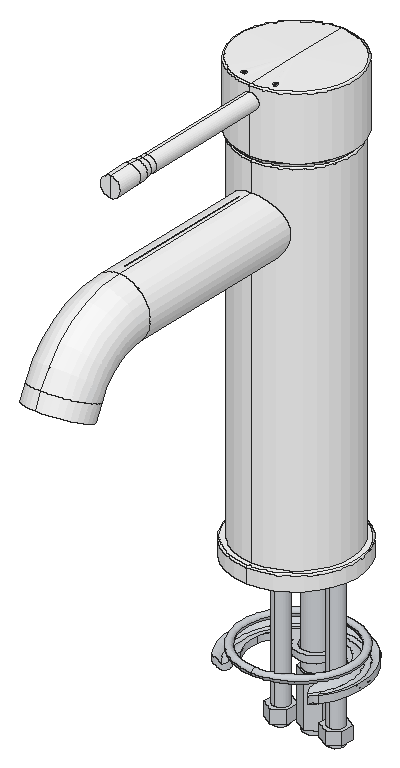
Revit family "Reece_Tap_Grohe_Essence New_Basin Mixer_Curved", category Plumbing Fixtures, host Face, Revit 2018
Family settings
  Host = Face
  Round Connector Dimension = Use Diameter
  Part Type = Normal
  Cut with Voids When Loaded = No
  Shared = Yes
  Room Calculation Point = Yes
Parameters (values of type "Chrome")
  WFU = 0  # constant formula
  URL = "https://www.reece.com.au/product/-9508953"
  Type Comments = "Tap"
  Reece_Tap_Reach = 116 mm  # constant formula
  Reece_Tap_Inlet = 12 mm  # constant formula
  Reece_Tap_Clearance = 101 mm  # constant formula
  Reece_Stand_Radius = 21.5 mm  # constant formula
  Reece_Stand_Baseplate_Radius = 24 mm  # constant formula
  Reece_Product_Web Page = "https://www.reece.com.au/product/-9508953"
  Reece_Product_Type = "Tap"  # constant formula
  Reece_Product_Sub Brand = "Essence New"  # constant formula
  Reece_Product_Number = "9508953"
  Reece_Product_Mount = "Hob Mounted"
  Reece_Product_Description = "Grohe Essence New Basin Mixer Curved Chrome (6 Star)"
  Reece_Product_Brand = "Grohe"  # constant formula
  Reece_Overall_Height = 174 mm  # constant formula
  Reece_Material_Tap_Hot = Render_Hot_Water_Cap
  Reece_Material_Tap_Cold = Render_Cold_Water_Cap
  Reece_Material-Main = Reece_Brass_Chrome
  Reece_Detail_Shape = "Curved"  # constant formula
  Reece_Detail_Installation = "Basin Mixer"  # constant formula
  Reece_Detail_Disclaimer = "THIS FILE IS THE PROPERTY OF THE REECE GROUP. IT MAY NOT BE REPRODUCED, REVERSE-ENGINEERED OR MODIFIED. ANY REPUBLICATION, TRANSMISSION OR DISTRIBUTION FOR THE PURPOSE OF COMMERCIALLY EXPLOITING THE FILES IS PROHIBITED."  # constant formula
  Reece_Detail_Connector = ""
  Reece_Detail_Additional = ""
  Model = "Essence New"
  Manufacturer = "Grohe"
  Keynote = "Product #9508953, Reece_Tap_Grohe_Essence New_Basin Mixer_Curved - Chrome"
  HWFU = 0  # constant formula
  Disclaimer = "THIS FILE IS THE PROPERTY OF THE REECE GROUP. IT MAY NOT BE REPRODUCED, REVERSE-ENGINEERED OR MODIFIED. ANY REPUBLICATION, TRANSMISSION OR DISTRIBUTION FOR THE PURPOSE OF COMMERCIALLY EXPLOITING THE FILES IS PROHIBITED."  # constant formula
  Description = "Grohe Essence New Basin Mixer Curved Chrome (6 Star)"
  Default Elevation = 1000 mm
  CWFU = 0  # constant formula
Types (5, lengths in mm): name | URL | Reece_Product_Web Page | Reece_Product_Number | Reece_Product_Description | Reece_Material-Main | Keynote | Description
  (no name) | "https://www.reece.com.au/product/-9508965" | "https://www.reece.com.au/product/-9508965" | "9508965" | "Grohe Essence New Basin Mixer Curved Brushed Cool Sunrise (6 Star)" | Reece_Metal_Brushed_Cool Sunrise | "Product #9508965, Reece_Tap_Grohe_Essence New_Basin Mixer_Curved -  " | "Grohe Essence New Basin Mixer Curved Brushed Cool Sunrise (6 Star)"
  Brushed Cool Sunrise | "https://www.reece.com.au/product/-9508965" | "https://www.reece.com.au/product/-9508965" | "9508965" | "Grohe Essence New Basin Mixer Curved Brushed Cool Sunrise (6 Star)" | Reece_Metal_Brushed_Cool Sunrise | "Product #9508965, Reece_Tap_Grohe_Essence New_Basin Mixer_Curved - Brushed Cool Sunrise" | "Grohe Essence New Basin Mixer Curved Brushed Cool Sunrise (6 Star)"
  Brushed Nickel | "https://www.reece.com.au/product/-9508964" | "https://www.reece.com.au/product/-9508964" | "9508964" | "Grohe Essence New Basin Mixer Curved Brushed Nickel (6 Star)" | Reece_Brass_Brushed Nickel | "Product #9508964, Reece_Tap_Grohe_Essence New_Basin Mixer_Curved - Brushed Nickel" | "Grohe Essence New Basin Mixer Curved Brushed Nickel (6 Star)"
  Chrome | "https://www.reece.com.au/product/-9508953" | "https://www.reece.com.au/product/-9508953" | "9508953" | "Grohe Essence New Basin Mixer Curved Chrome (6 Star)" | Reece_Brass_Chrome | "Product #9508953, Reece_Tap_Grohe_Essence New_Basin Mixer_Curved - Chrome" | "Grohe Essence New Basin Mixer Curved Chrome (6 Star)"
  Hard Graphite | "https://www.reece.com.au/product/-9508966" | "https://www.reece.com.au/product/-9508966" | "9508966" | "Grohe Essence New Basin Mixer Curved Hard Graphite (6 Star)" | Reece_Metal_Hard Graphite | "Product #9508966, Reece_Tap_Grohe_Essence New_Basin Mixer_Curved - Hard Graphite" | "Grohe Essence New Basin Mixer Curved Hard Graphite (6 Star)"
Reference planes
  plane 1 "Center (Front/Back)": y = 0
  plane 2: z = 0
  plane 3 "Center (Left/Right)": x = 0
  plane 4 "Center L/S": z = 174
  plane 5: y = -116
  plane 6: y = -19
  plane 7: y = -35.7
  plane 8: y = -90.5
  plane 9: z = 101
  plane 10: z = -30
  plane 11: through (0, -116, 101) normal (0, -0.9063, 0.4226)
Forms (mm)
  Revolve 1, solid, material "Reece_Brass_Chrome" <- "Reece_Material-Main"
    sketch origin (0, 0, 0) x (0, 1, 0) y (0, 0, 1)
      loop
        arc (-20.976, 146.659) -> (-21.346, 146.506) -> (-21.5, 146.135) r 0.524
        line (-21.5, 146.135) -> (-21.5, 4.5) -> (-20, 4.5) -> (-20, 7) -> (0, 7) -> (0, 152.659) -> (-13.55, 152.659) -> (-13.55, 156.49)
        arc (-13.55, 156.49) -> (-17.566, 152.246) -> (-20.989, 147.511) r 44.331
        arc (-20.989, 147.511) -> (-21.019, 147.098) -> (-20.696, 146.842) r 0.442
        line (-20.696, 146.842) -> (-19.715, 146.659) -> (-20.976, 146.659)
      axis (0, 156.49) -> (0, 4.5)
    angle from 0 to 360
  Revolve 2, solid, material "Reece_Brass_Chrome" <- "Reece_Material-Main"
    sketch origin (0, 0, 0) x (0, 1, 0) y (0, 0, 1)
      loop
        line (-16.5, 6) -> (-23.5, 6)
        arc (-23.5, 6) -> (-23.854, 5.854) -> (-24, 5.5) r 0.5
        line (-24, 5.5) -> (-24, 0) -> (-21.5, 0) -> (-21.5, -1) -> (-18, -1) -> (-18, 3.5) -> (-16.5, 3.5) -> (-16.5, 6)
      axis (0, 6) -> (0, -1)
    angle from 0 to 360
  Revolve 3, solid, material "Reece_Brass_Chrome" <- "Reece_Material-Main"
    sketch origin (0, -2.334, 1) x (0, 1, 0) y (0, 0, 1)
      loop
        line (-20.166, 147.742) -> (-18.568, 147.742) -> (-18.666, 148.59) -> (-18.666, 152.3) -> (2.5, 152.3) -> (2.5, 173)
        arc (2.5, 173) -> (-8.539, 172.925) -> (-19.574, 172.583) r 455.117
        arc (-19.574, 172.583) -> (-19.994, 172.393) -> (-20.166, 171.965) r 0.619
        line (-20.166, 171.965) -> (-20.166, 147.742)
      axis (2.5, 173) -> (2.5, 147.742)
    angle from 0 to 360
  Revolve 4, void
    sketch origin (0, 3.897, 5.392) x (0, 1, 0) y (0, 0, 1)
      loop
        line (17.434, 163.743) -> (17.434, 159.75) -> (20.568, 159.75) -> (20.568, 163.743) -> (17.434, 163.743)
      axis (20.568, 159.75) -> (17.434, 159.75)
    angle from 0 to 360
  Revolve 5, solid, material "Reece_Brass_Chrome" <- "Reece_Material-Main"
    sketch origin (0, 3.897, 5.392) x (0, 1, 0) y (0, 0, 1)
      loop
        arc (19.852, 159.75) -> (19.653, 161.536) -> (19.065, 163.234) r 8.104
        arc (19.065, 163.234) -> (18.801, 163.532) -> (18.419, 163.642) r 0.716
        line (18.419, 163.642) -> (17.555, 163.642) -> (17.555, 159.75) -> (19.852, 159.75)
      axis (17.555, 159.75) -> (19.852, 159.75)
    angle from 0 to 360
  Revolve 6, solid
    sketch origin (0, 0, -18.534) x (0, 1, 0) y (0, 0, 1)
      loop
        circle (22.2, -14) r 1.3
      axis (1, -14) -> (1, -13)
    angle from 0 to 360
  Extrusion 7, void
    sketch origin (0, 2, 7) x (1, 0, 0) y (0, 1, 0)
      loop
        circle (-7, -9.5) r 6.7
      loop
        circle (-10.749, 4.019) r 3.519
      loop
        circle (10.75, 4) r 3.5
      loop
        circle (7, -9.5) r 6.7
    from 0 to 4
  Extrusion 8, void
    sketch origin (0, 0, 0) x (1, 0, 0) y (0, 1, 0)
      loop
        circle (0, 0) r 17
    from 0 to -30
  Revolve 9, solid, material "Reece_Brass_Chrome" <- "Reece_Material-Main"
    sketch origin (0, -276.273, 360.721) x (0, -0.990268, -0.139173) y (0, 0.139173, -0.990268)
      loop
        arc (-166.132, 222.142) -> (-167.895, 222.331) -> (-169.667, 222.404) r 27.035
        line (-169.667, 222.404) -> (-172.075, 222.424)
        arc (-172.075, 222.424) -> (-173.404, 222.479) -> (-174.726, 222.621) r 20.282
        line (-174.726, 222.621) -> (-225.984, 229.825) -> (-226.423, 226.698) -> (-157.108, 216.956) -> (-156.568, 220.798) -> (-166.132, 222.142)
      axis (-157.108, 216.956) -> (-226.423, 226.698)
    angle from 0 to 360
  Revolve 10, solid, material "Render_Hot_Water_Cap" <- "Reece_Material_Tap_Hot"
    sketch origin (-6.131, -97.842, 159.485) x (0, 0.053171, -0.998585) y (0, -0.998585, -0.053171)
      loop
        line (-9.096, -80.7) -> (-10.011, -80.7) -> (-10.011, -81.5) -> (-9.096, -81.5) -> (-9.096, -80.7)
      axis (-9.096, -80.7) -> (-10.096, -80.7)
    angle from 0 to 360
  Sweep 11, solid, material "Reece_Brass_Chrome" <- "Reece_Material-Main"
    path origin (0, 103, 123.371) x (0, 0, 1) y (0, -1, 0)
      loop
        line (0, 103) -> (0, 189.157)
        arc (0, 189.157) -> (-4.698, 205.276) -> (-17.321, 216.346) r 30
        line (-17.321, 216.346) -> (-23.077, 219.03)
    profile origin (0, -43.078, 123.371) x (0, 0, -1) y (1, 0, 0)
      loop
        circle (0, 0) r 12
      loop
        circle (0, 0) r 10
  Revolve 12, solid, material "Render_Cold_Water_Cap" <- "Reece_Material_Tap_Cold"
    sketch origin (6.131, -97.842, 159.485) x (0, 0.053171, -0.998585) y (0, 0.998585, 0.053171)
      loop
        line (-9.096, 80.7) -> (-9.096, 81.5) -> (-10.011, 81.5) -> (-10.011, 80.7) -> (-9.096, 80.7)
      axis (-9.096, 80.7) -> (-10.096, 80.7)
    angle from 0 to 360
  Revolve 13, solid, material "Reece_Brass_Chrome" <- "Reece_Material-Main"
    sketch origin (0, -3.909, -57.656) x (0, 1, 0) y (0, 0, 1)
      loop
        line (-111.094, 160.152) -> (-112.121, 157.951) -> (-105.095, 154.675) -> (-104.735, 155.446) -> (-103.828, 155.024) -> (-104.188, 154.252) -> (-102.515, 153.472) -> (-101.488, 155.673) -> (-111.094, 160.152)
      axis (-111.094, 160.152) -> (-112.121, 157.951)
    angle from 0 to 360
  Revolve 14, solid, material "Reece_Brass_Chrome" <- "Reece_Material-Main"
    sketch origin (0, -26.228, -72.991) x (0, 0.990268, -0.139173) y (0, 0.139173, 0.990268)
      loop
        line (-111.953, 161.308) -> (-112.893, 158.235)
        arc (-112.893, 158.235) -> (-109.328, 157.51) -> (-105.691, 157.481) r 18.941
        line (-105.691, 157.481) -> (-105.156, 159.229) -> (-111.953, 161.308)
      axis (-111.953, 161.308) -> (-112.893, 158.235)
    angle from 0 to 360
  Revolve 15, void
    sketch origin (-6.131, -97.842, 159.485) x (0, 0.053171, -0.998585) y (0, -0.998585, -0.053171)
      loop
        line (-9.096, -80.7) -> (-10.578, -80.7) -> (-10.578, -81.5) -> (-9.096, -81.5) -> (-9.096, -80.7)
      axis (-9.096, -80.7) -> (-10.578, -80.7)
    angle from 0 to 360
  Revolve 16, void
    sketch origin (6.131, -97.842, 159.485) x (0, 0.053171, -0.998585) y (0, 0.998585, 0.053171)
      loop
        line (-9.096, 80.7) -> (-9.096, 81.5) -> (-11.45, 81.5) -> (-11.45, 80.7) -> (-9.096, 80.7)
      axis (-9.096, 80.7) -> (-11.45, 80.7)
    angle from 0 to 360
  Extrusion 17, solid
    sketch origin (0, 2, 7) x (0, 1, 0) y (1, 0, 0)
      loop
        circle (4, 10.75) r 3
      loop
        circle (4, -10.75) r 3
      loop
        circle (7.673, 0) r 4.5
    from 8 to 72.306
  Revolve 18, solid
    sketch origin (0, 0, -17) x (0, 1, 0) y (0, 0, 1)
      loop
        arc (18.75, -21.5) -> (21.75, -23) -> (24.75, -21.5) r 3.75
        line (24.75, -21.5) -> (25.75, -21.5) -> (25.75, -19)
        arc (25.75, -19) -> (24.212, -19.499) -> (22.941, -20.498) r 4.61
        arc (22.941, -20.498) -> (21.841, -21) -> (20.728, -20.527) r 1.5
        arc (20.728, -20.527) -> (19.122, -19.398) -> (17.2, -19) r 4.84
        line (17.2, -19) -> (17.2, -21.5) -> (18.75, -21.5)
      axis (0, -19) -> (0, -21.5)
    angle from 0 to 360
  Extrusion 19, solid
    sketch origin (0, 0, -23.534) x (1, 0, 0) y (0, 1, 0)
      loop
        circle (10.75, 6) r 3
      loop
        line (10.75, 11.196) -> (6.25, 8.598) -> (6.25, 3.402) -> (10.75, 0.804) -> (15.25, 3.402) -> (15.25, 8.598) -> (10.75, 11.196)
      loop
        circle (-10.75, 6) r 3
      loop
        line (-10.75, 11.196) -> (-15.25, 8.598) -> (-15.25, 3.402) -> (-10.75, 0.804) -> (-6.25, 3.402) -> (-6.25, 8.598) -> (-10.75, 11.196)
    from -40 to -35
  Extrusion 20, solid
    sketch origin (0, 0, -40) x (1, 0, 0) y (0, 1, 0)
      loop
        arc (-6.758, 6.42) -> (0, 2.173) -> (6.758, 6.42) r 7.5
        arc (6.758, 6.42) -> (9.603, 8.803) -> (13.271, 8.238) r 4.5
        arc (13.271, 8.238) -> (15.825, 5.64) -> (17.057, 2.211) r 8.5
        arc (17.057, 2.211) -> (11.354, 12.92) -> (0, 17.2) r 17.2
        arc (0, 17.2) -> (-11.354, 12.92) -> (-17.057, 2.211) r 17.2
        arc (-17.057, 2.211) -> (-15.825, 5.64) -> (-13.271, 8.238) r 8.5
        arc (-13.271, 8.238) -> (-9.603, 8.803) -> (-6.758, 6.42) r 4.5
      loop
        circle (0, 9.673) r 5.5
    from 1.5 to 4
  Extrusion 21, solid
    sketch origin (0, 0, -23.534) x (1, 0, 0) y (0, 1, 0)
      loop
        line (0, 15.491) -> (-5.039, 12.582) -> (-5.039, 6.764) -> (0, 3.855) -> (5.039, 6.764) -> (5.039, 12.582) -> (0, 15.491)
      loop
        circle (0, 9.673) r 4.5
    from -40 to -20
  Extrusion 22, void
    sketch origin (0, 0, 1.534) x (1, 0, 0) y (0, 1, 0)
      loop
        line (27.556, -34.599) -> (27.556, -14.961) -> (20.958, -14.961)
        arc (20.958, -14.961) -> (17.049, -15.272) -> (15, -11.93) r 3.75
        line (15, -11.93) -> (15, -8.417) -> (-15, -8.417) -> (-15, -11.93)
        arc (-15, -11.93) -> (-17.049, -15.272) -> (-20.958, -14.961) r 3.75
        line (-20.958, -14.961) -> (-27.556, -14.961) -> (-27.556, -34.599) -> (27.556, -34.599)
    from -43.534 to -37.534
Cuts and joins
  Extrusion 7 cuts Revolve 1
  Extrusion 7 cuts Revolve 2
  Revolve 4, Revolve 15, Revolve 16 cuts Revolve 3
  joined: Revolve 1, Revolve 2, Revolve 3, Revolve 9, Sweep 11, Revolve 13, Revolve 14
  Extrusion 22 cuts Revolve 18
  joined: Revolve 18, Extrusion 20
  joined: Extrusion 17, Extrusion 19, Extrusion 21
Text (mm)
  text "Reece Copyright © 2018, Reece Ltd." at (-747.266, -372.688, 0), in view "Ref. Level"
  text "Reece ©" at (-1.128, 151.197, 130.104), in view "Reece Preview"
Dimensions and locks
  locked: Revolve 1 sketch curve to Revolve 1 sketch curve at 6
  locked: Revolve 1 sketch curve to Revolve 1 sketch curve at 2.5
  "Reece_Stand_Radius": plane 1 "Center (Front/Back)" to Revolve 1 sketch curve
  "Reece_Stand_Baseplate_Radius": Revolve 2 sketch curve to Revolve 2 sketch curve
  locked: Revolve 2 sketch curve to Revolve 2 sketch curve at 2.5
  locked: Revolve 2 sketch curve to Revolve 2 sketch curve at 1.5
  "Reece_Overall_Height": plane 4 "Center L/S" to level
  "Reece_Tap_Clearance": plane 9 to level
  locked: plane 7 to plane 8 at 54.8
  host face to plane 10 = 30 mm
  "Reece_Tap_Reach": plane 1 "Center (Front/Back)" to plane 5
  locked: plane 5 to plane 11 (angle 25.00°)
  aligned and locked: host face to plane 2
  aligned and locked: level to host face
  aligned and locked: Revolve 3 sketch curve to Revolve 3 sketch curve
Automatic sketch dimensions
  host sketch curve to host sketch curve = 380.785 mm
  host sketch curve to host sketch curve = 317.421 mm
  Revolve 3 sketch curve to plane 4 "Center L/S" = 0 mm
  plane 6 to Revolve 3 sketch curve = 3.5 mm
  Revolve 3 sketch curve to Revolve 3 sketch curve = 0.619 mm
  Revolve 3 sketch curve to Revolve 3 sketch curve = 1.5 mm
  Revolve 3 sketch curve to Revolve 3 sketch curve = 0.098 mm
  plane 1 "Center (Front/Back)" to Revolve 3 sketch curve = 2.279 mm
  Revolve 3 sketch curve to plane 1 "Center (Front/Back)" = 0.166 mm
  Revolve 3 sketch curve to plane 4 "Center L/S" = 1.035 mm
  Revolve 3 sketch curve to Revolve 3 sketch curve = 20.7 mm
  Revolve 3 sketch curve to Revolve 3 sketch curve = 3.71 mm
  Revolve 3 sketch curve to Revolve 3 sketch curve = 0.848 mm
  Revolve 3 sketch curve to level = 281.11 mm
  Revolve 3 sketch curve to Revolve 3 sketch curve = 58.7 mm
  plane 4 "Center L/S" to Revolve 3 sketch curve = 2177.364 mm
  Revolve 4 sketch curve to plane 4 "Center L/S" = 8.858 mm
  Revolve 4 sketch curve to plane 1 "Center (Front/Back)" = 21.331 mm
  Revolve 4 sketch curve to Revolve 4 sketch curve = 3.134 mm
  Revolve 4 sketch curve to Revolve 4 sketch curve = 3.993 mm
  Revolve 4 sketch curve to Revolve 4 sketch curve = 2.864 mm
  Revolve 4 sketch curve to Revolve 4 sketch curve = 4.002 mm
  Revolve 4 sketch curve to Revolve 4 sketch curve = 0 mm
  Revolve 5 sketch curve to plane 1 "Center (Front/Back)" = 15.646 mm
  Revolve 5 sketch curve to Revolve 5 sketch curve = 5.807 mm
  Revolve 5 sketch curve to Revolve 5 sketch curve = 0.864 mm
  Revolve 5 sketch curve to Revolve 5 sketch curve = 2.297 mm
  Revolve 5 sketch curve to plane 4 "Center L/S" = 8.858 mm
  Revolve 5 sketch curve to Revolve 5 sketch curve = 3.177 mm
  Revolve 5 sketch curve to Revolve 5 sketch curve = 0.716 mm
  Revolve 5 sketch curve to Revolve 5 sketch curve = 1.775 mm
  Revolve 5 sketch curve to Revolve 5 sketch curve = 5.654 mm
  Revolve 5 sketch curve to Revolve 5 sketch curve = 0 mm
  Revolve 6 sketch curve to plane 1 "Center (Front/Back)" = 22.2 mm
  Revolve 6 sketch curve to level = 32.534 mm  (x2)
  Revolve 6 sketch curve to plane 1 "Center (Front/Back)" = 1 mm
  Revolve 6 sketch curve to Revolve 6 sketch curve = 4.102 mm
  Revolve 1 to Extrusion 7 sketch curve = 10.749 mm
  Revolve 1 to Extrusion 7 sketch curve = 7 mm
  Extrusion 7 sketch curve to Revolve 1 = 7 mm
  Extrusion 7 sketch curve to Revolve 1 = 10.75 mm
  Extrusion 7 sketch curve to Extrusion 7 sketch curve = 0 mm
  Extrusion 7 sketch curve to Extrusion 7 sketch curve = 13.5 mm
  Extrusion 7 sketch curve to Extrusion 7 sketch curve = 13.519 mm
  Extrusion 8 sketch curve to Extrusion 8 sketch curve = 0 mm  (x2)
  Extrusion 8 sketch curve to plane 3 "Center (Left/Right)" = 0 mm
  plane 1 "Center (Front/Back)" to Extrusion 8 sketch curve = 0 mm
  Extrusion 8 sketch curve to plane 6 = 2 mm
  Revolve 9 sketch curve to plane 8 = 0 mm  (x2)
  plane 6 to Revolve 9 sketch curve = 1.504 mm
  Revolve 9 sketch curve to plane 4 "Center L/S" = 6.258 mm
  Revolve 9 sketch curve to Revolve 9 sketch curve = 0.439 mm
  Revolve 9 sketch curve to Revolve 9 sketch curve = 17.619 mm
  Revolve 9 sketch curve to Revolve 9 sketch curve = 2.652 mm
  Revolve 9 sketch curve to Revolve 9 sketch curve = 2.823 mm
  Revolve 9 sketch curve to Revolve 9 sketch curve = 12.787 mm
  Revolve 9 sketch curve to Revolve 9 sketch curve = 2.408 mm
  Revolve 9 sketch curve to Revolve 9 sketch curve = 8.117 mm
  Revolve 9 sketch curve to Revolve 9 sketch curve = 82.121 mm
  Revolve 9 sketch curve to Revolve 9 sketch curve = 11.541 mm
  Revolve 9 sketch curve to Revolve 9 sketch curve = 1.141 mm
  Revolve 10 sketch curve to plane 4 "Center L/S" = 0.185 mm
  Revolve 10 sketch curve to plane 6 = 2.011 mm
  Revolve 10 sketch curve to Revolve 10 sketch curve = 0.915 mm
  Revolve 10 sketch curve to Revolve 10 sketch curve = 0.8 mm
  Revolve 10 sketch curve to Revolve 10 sketch curve = 5.008 mm
  Revolve 10 sketch curve to Revolve 10 sketch curve = 6.185 mm
  Revolve 10 sketch curve to Revolve 10 sketch curve = 0 mm
  Revolve 12 sketch curve to plane 4 "Center L/S" = 0.185 mm
  Revolve 12 sketch curve to plane 6 = 2.011 mm
  Revolve 12 sketch curve to Revolve 12 sketch curve = 0.915 mm
  Revolve 12 sketch curve to Revolve 12 sketch curve = 0.8 mm
  Revolve 12 sketch curve to Revolve 12 sketch curve = 5.008 mm
  Revolve 12 sketch curve to Revolve 12 sketch curve = 6.185 mm
  Revolve 12 sketch curve to Revolve 12 sketch curve = 0 mm
  Sweep 11 sketch curve to Sweep 11 sketch curve = 0 mm  (x2)
  Sweep 11 sketch curve to profile plane = 0 mm  (x2)
  Sweep 11 sketch curve to plane 9 = 7.629 mm
  plane 9 to Sweep 11 sketch curve = 5.05 mm
  plane 9 to Sweep 11 sketch curve = 22.371 mm
  Sweep 11 sketch curve to plane 5 = 2.654 mm
  Sweep 11 sketch curve to plane 9 = 0.706 mm
  plane 5 to Sweep 11 sketch curve = 0.03 mm
  plane 5 to Revolve 14 sketch curve = 0 mm
  Revolve 14 sketch curve to Revolve 14 sketch curve = 0.939 mm
  Revolve 14 sketch curve to Revolve 14 sketch curve = 4.598 mm
  Revolve 14 sketch curve to Revolve 14 sketch curve = 7.202 mm
  Revolve 14 sketch curve to Revolve 14 sketch curve = 0.535 mm
  Revolve 14 sketch curve to Revolve 14 sketch curve = 0.754 mm
  Revolve 14 sketch curve to Revolve 14 sketch curve = 0 mm  (x2)
  Revolve 14 sketch curve to Revolve 14 sketch curve = 0.388 mm
  Revolve 14 sketch curve to Revolve 14 sketch curve = 1.269 mm
  Revolve 14 sketch curve to plane 9 = 1.585 mm
  plane 1 "Center (Front/Back)" to Sweep 11 sketch curve = 0 mm
  plane 5 to Revolve 13 sketch curve = 0.03 mm
  Revolve 13 sketch curve to plane 5 = 0.997 mm
  Revolve 13 sketch curve to plane 9 = 3.982 mm
  Revolve 13 sketch curve to plane 5 = 6.996 mm
  Revolve 13 sketch curve to plane 9 = 3.21 mm
  Revolve 13 sketch curve to Revolve 13 sketch curve = 0.36 mm  (x2)
  Revolve 13 sketch curve to Revolve 13 sketch curve = 0.906 mm
  Revolve 13 sketch curve to plane 9 = 5.185 mm
  plane 5 to Revolve 13 sketch curve = 2.591 mm
  Revolve 13 sketch curve to Revolve 13 sketch curve = 0.45 mm
  Revolve 13 sketch curve to Revolve 13 sketch curve = 5.492 mm
  Revolve 13 sketch curve to Revolve 13 sketch curve = 0.965 mm
  plane 4 "Center L/S" to Revolve 15 sketch curve = 0.382 mm
  Revolve 15 sketch curve to plane 6 = 1.981 mm
  Revolve 15 sketch curve to Revolve 15 sketch curve = 1.482 mm
  Revolve 15 sketch curve to Revolve 15 sketch curve = 0.8 mm
  Revolve 15 sketch curve to Revolve 15 sketch curve = 4.441 mm
  Revolve 15 sketch curve to Revolve 15 sketch curve = 6.185 mm
  Revolve 15 sketch curve to Revolve 15 sketch curve = 0 mm
  plane 4 "Center L/S" to Revolve 16 sketch curve = 1.252 mm
  Revolve 16 sketch curve to plane 6 = 1.934 mm
  Revolve 16 sketch curve to Revolve 16 sketch curve = 2.354 mm
  Revolve 16 sketch curve to Revolve 16 sketch curve = 0.8 mm
  Revolve 16 sketch curve to Revolve 16 sketch curve = 3.569 mm
  Revolve 16 sketch curve to Revolve 16 sketch curve = 6.185 mm
  Revolve 16 sketch curve to Revolve 16 sketch curve = 0 mm
  Extrusion 17 sketch curve to Extrusion 17 sketch curve = 0 mm  (x2)
  Extrusion 17 sketch curve to plane 3 "Center (Left/Right)" = 0 mm
  Extrusion 17 sketch curve to plane 1 "Center (Front/Back)" = 6 mm  (x2)
  Extrusion 17 sketch curve to plane 1 "Center (Front/Back)" = 9.673 mm
  plane 3 "Center (Left/Right)" to Extrusion 17 sketch curve = 10.75 mm
  Extrusion 17 sketch curve to plane 3 "Center (Left/Right)" = 10.75 mm
  plane 3 "Center (Left/Right)" to Extrusion 17 sketch curve = 4.5 mm
  Revolve 18 sketch curve to plane 1 "Center (Front/Back)" = 0 mm
  Revolve 18 sketch curve to level = 36 mm
  Revolve 18 sketch curve to plane 1 "Center (Front/Back)" = 17.2 mm
  Revolve 18 sketch curve to Revolve 18 sketch curve = 1.55 mm
  Revolve 18 sketch curve to Revolve 18 sketch curve = 3 mm
  Revolve 18 sketch curve to Revolve 18 sketch curve = 0.072 mm
  Revolve 18 sketch curve to level = 38.5 mm
  Revolve 18 sketch curve to Revolve 18 sketch curve = 2.928 mm
  Revolve 18 sketch curve to Revolve 18 sketch curve = 1 mm
  Revolve 18 sketch curve to level = 40.566 mm
  Revolve 18 sketch curve to Revolve 18 sketch curve = 0.632 mm
  Revolve 18 sketch curve to level = 40.84 mm
  Revolve 18 sketch curve to level = 36.5 mm
  Revolve 18 sketch curve to Revolve 18 sketch curve = 0.25 mm
  Revolve 18 sketch curve to Revolve 18 sketch curve = 2.5 mm
  Revolve 18 sketch curve to Revolve 18 sketch curve = 0 mm
  Revolve 18 sketch curve to plane 10 = 327.81 mm
  plane 4 "Center L/S" to Revolve 18 sketch curve = 832.832 mm
  Extrusion 19 sketch curve to plane 3 "Center (Left/Right)" = 15.25 mm
  Extrusion 19 sketch curve to plane 1 "Center (Front/Back)" = 0.804 mm  (x2)
  Extrusion 19 sketch curve to Extrusion 19 sketch curve = 4.5 mm  (x6)
  Extrusion 19 sketch curve to Extrusion 19 sketch curve = 0 mm  (x2)
  plane 3 "Center (Left/Right)" to Extrusion 19 sketch curve = 6.25 mm
  Extrusion 19 sketch curve to plane 1 "Center (Front/Back)" = 3.402 mm  (x4)
  Extrusion 19 sketch curve to Extrusion 19 sketch curve = 5.196 mm  (x7)
  Extrusion 19 sketch curve to Extrusion 19 sketch curve = 2.598 mm
  Extrusion 20 sketch curve to Extrusion 20 sketch curve = 0 mm  (x9)
  Extrusion 20 sketch curve to plane 3 "Center (Left/Right)" = 0 mm  (x2)
  plane 1 "Center (Front/Back)" to Extrusion 20 sketch curve = 0 mm
  Extrusion 20 sketch curve to plane 1 "Center (Front/Back)" = 1.119 mm  (x2)
  Extrusion 20 sketch curve to plane 3 "Center (Left/Right)" = 8.628 mm
  Extrusion 20 sketch curve to Extrusion 20 sketch curve = 2.185 mm  (x2)
  plane 3 "Center (Left/Right)" to Extrusion 20 sketch curve = 8.628 mm
  Extrusion 20 sketch curve to Extrusion 20 sketch curve = 3.35 mm  (x2)
  Extrusion 20 sketch curve to Extrusion 20 sketch curve = 9.673 mm
  Extrusion 20 sketch curve to Extrusion 20 sketch curve = 4.055 mm
  Extrusion 21 sketch curve to Extrusion 21 sketch curve = 0 mm  (x2)
  Extrusion 21 sketch curve to plane 3 "Center (Left/Right)" = 0 mm  (x3)
  Extrusion 21 sketch curve to plane 3 "Center (Left/Right)" = 5.039 mm
  plane 3 "Center (Left/Right)" to Extrusion 21 sketch curve = 5.039 mm
  Extrusion 21 sketch curve to plane 1 "Center (Front/Back)" = 3.855 mm
  Extrusion 21 sketch curve to Extrusion 21 sketch curve = 2.909 mm  (x6)
  Extrusion 21 sketch curve to Extrusion 21 sketch curve = 0.539 mm
  Extrusion 22 sketch curve to plane 3 "Center (Left/Right)" = 27.556 mm
  Extrusion 22 sketch curve to Extrusion 22 sketch curve = 6.599 mm  (x2)
  Extrusion 22 sketch curve to Extrusion 22 sketch curve = 2.208 mm  (x2)
  Extrusion 22 sketch curve to Extrusion 22 sketch curve = 3.75 mm  (x2)
  plane 3 "Center (Left/Right)" to Extrusion 22 sketch curve = 15 mm
  plane 6 to Extrusion 22 sketch curve = 15.599 mm
  Extrusion 22 sketch curve to plane 6 = 4.039 mm  (x2)
  Extrusion 22 sketch curve to Extrusion 22 sketch curve = 3.514 mm
  Revolve 1 sketch curve to plane 1 "Center (Front/Back)" = 0 mm  (x2)
  Revolve 1 sketch curve to Revolve 1 sketch curve = 0.524 mm
  Revolve 1 sketch curve to Revolve 1 sketch curve = 0.28 mm
  Revolve 1 sketch curve to Revolve 1 sketch curve = 0.081 mm
  plane 6 to Revolve 1 sketch curve = 1 mm
  plane 6 to Revolve 1 sketch curve = 0.715 mm
  Revolve 1 sketch curve to plane 6 = 5.45 mm
  Revolve 1 sketch curve to plane 1 "Center (Front/Back)" = 16.571 mm
  level to Revolve 1 sketch curve = 4.5 mm
  plane 9 to Revolve 1 sketch curve = 22.963 mm
  Revolve 1 sketch curve to plane 4 "Center L/S" = 27.865 mm
  Revolve 1 sketch curve to Revolve 1 sketch curve = 0.182 mm
  Revolve 1 sketch curve to Revolve 1 sketch curve = 3.83 mm
  Revolve 1 sketch curve to plane 10 = 310.81 mm
  plane 4 "Center L/S" to Revolve 1 sketch curve = 2227.37 mm
  Revolve 2 sketch curve to level = 0 mm
  Revolve 2 sketch curve to plane 1 "Center (Front/Back)" = 0 mm
  Revolve 2 sketch curve to Revolve 2 sketch curve = 0.5 mm
  Revolve 2 sketch curve to plane 6 = 1 mm
  Revolve 2 sketch curve to level = 1 mm
  level to Revolve 2 sketch curve = 3.5 mm
  level to Revolve 2 sketch curve = 5.5 mm
  Revolve 2 sketch curve to plane 10 = 310.81 mm
  plane 4 "Center L/S" to Revolve 2 sketch curve = 2227.37 mm
  radius of Revolve 6 sketch curve = 1.3 mm
  radius of Extrusion 7 sketch curve = 6.7 mm  (x2)
  radius of Extrusion 7 sketch curve = 3.519 mm
  radius of Extrusion 7 sketch curve = 3.5 mm
  radius of Sweep 11 sketch curve = 12 mm
  radius of Sweep 11 sketch curve = 10 mm
  radius of Extrusion 17 sketch curve = 3 mm  (x2)
  radius of Extrusion 19 sketch curve = 3 mm  (x2)
  radius of Extrusion 20 sketch curve = 5.5 mm
Connectors
  piping at (-10.75, 6, -65.306), diameter 12, driven by "Reece_Tap_Inlet"
    settings: on cut or joined group of Extrusion 17, Extrusion 19, Extrusion 21, index 1, connector inside diameter 609.6 mm, connector length 0 mm, flow factor 0, pipe flow 0.0 L/s, pressure drop 0.0 Pa, fitting loss kfactor 0, connector angle 0.00°, fixture units 0, engagement length 0 mm, angle of deflection 0.00°, flow configuration 0, flow direction 1, fitting loss method 0, system type 29, joint type 0, gender type 0, connector reference index -1, connector utility 0, adjustable connector no, is connector primary yes, connector description ""
  piping at (10.75, 6, -65.306), diameter 12, driven by "Reece_Tap_Inlet"
    settings: on cut or joined group of Extrusion 17, Extrusion 19, Extrusion 21, index 2, connector inside diameter 609.6 mm, connector length 0 mm, flow factor 0, pipe flow 0.0 L/s, pressure drop 0.0 Pa, fitting loss kfactor 0, connector angle 0.00°, fixture units 0, engagement length 0 mm, angle of deflection 0.00°, flow configuration 0, flow direction 1, fitting loss method 0, system type 29, joint type 0, gender type 0, connector reference index -1, connector utility 0, adjustable connector no, is connector primary no, connector description ""
